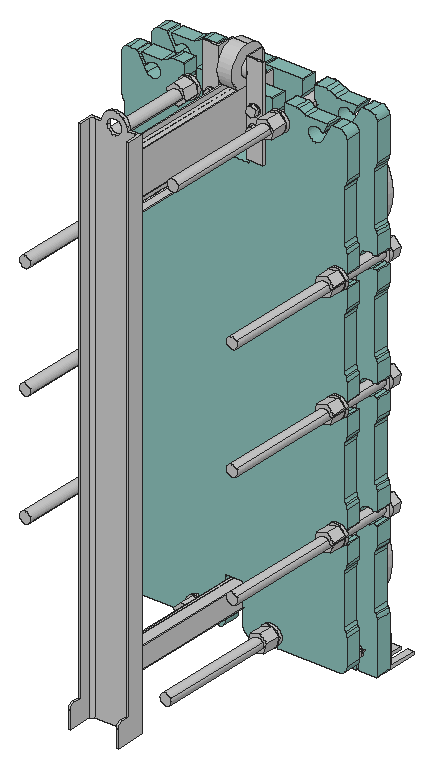
Revit family "MIT 741 - Heat Exchanger", category Specialty Equipment, Revit 2022
Family settings
  Round Connector Dimension = Use Diameter
  Part Type = Normal
  Work Plane-Based = No
  Always vertical = No
  Cut with Voids When Loaded = No
  Maintain Annotation Orientation = No
  Shared = No
  Room Calculation Point = No
Parameters (values of type "Flanged")
  URL = "https://en.ekinendustriyel.com/plate-heat-exchanger"
  Type Comments = ""
  Thickness_of_Plate [instance] = 0.50 mm  # constant formula
  Number_of_Plate [instance] = 20
  Model = if(Hygienic, if(Design Pressure < 11.0 bar, "H12340000F150L", if(Design Pressure < 16.0 bar, " H12340000F150M", " H12340000F150H")), if(Design Pressure < 10.0 bar, "E12340000F2150L", if(Design Pressure < 16.0 bar, " E12340000F150M", " E12340000F150H")))  # "H12340000F150L"
  Material = Galvanized Steel- S235JR
  Manufacturer = "Ekin Endüstriyel"
  Lk [instance] = (Number_of_Plate) * ((Thickness_of_Plate) + 2.60 mm)  # 62.00 mm
  Lh [instance] = 1380.00 mm  # constant formula
  Lf [instance] = 1330.00 mm  # constant formula
  Lc [instance] = if(Number_of_Plate < 26, 500.00 mm, if(Number_of_Plate < 51, 750.00 mm, if(Number_of_Plate < 101, 1250.00 mm, if(Number_of_Plate < 151, 1800.00 mm, if(Number_of_Plate < 201, 2000.00 mm, if(Number_of_Plate < 301, 2500.00 mm, 3000.00 mm))))))  # 500.00 mm
  La [instance] = 610.00 mm  # constant formula
  Keynote = ""
  Industrial [instance] = not(Hygienic)  # no
  Hygienic = yes
  Head & Follower Plate [instance] = if(Design Pressure < 11.0 bar, 40.00 mm, if(Design Pressure < 17.0 bar, 50.00 mm, 70.00 mm))  # 40.00 mm
  Follower Plate [instance] = -(Head & Follower Plate)  # -40.00 mm
  Design Pressure = 7 bar
  Description = if(Design Pressure < 11.0 bar, "MIT - Heat Exchanger - 10 bar", if(Design Pressure < 16.0 bar, " MIT - Heat Exchanger - 16 bar", " MIT - Heat Exchanger - 25 bar"))  # "MIT - Heat Exchanger - 10 bar"
  Default Elevation = 0.00 mm
Reference planes
  plane 1 "Center (Front/Back)": y = 0
  plane 2: z = 0
  plane 3 "Center (Left/Right)": x = 0
  plane 4: x = 1160
  plane 5: x = -1000
  plane 6 "2": y = -102
  plane 7 "1": y = -40
  plane 8 "3": y = -540
  plane 9 "Bolt End": y = 18.7
  plane 10: y = -500
  plane 11 "12": z = 1140
Forms (mm)
  Extrusion 1, solid, material "Galvanized Steel", detail levels fine
    sketch origin (4.063, 0, 0) x (1, 0, 0) y (0, 0, 1)
      loop
        line (132.187, 1378) -> (132.187, 1343.302)
        arc (132.187, 1343.302) -> (115.937, 1309) -> (99.687, 1343.302) r 21
        line (99.687, 1343.302) -> (99.687, 1378)
        arc (99.687, 1378) -> (99.101, 1379.414) -> (97.687, 1380) r 2
        line (97.687, 1380) -> (0.937, 1380)
        arc (0.937, 1380) -> (-0.477, 1379.414) -> (-1.063, 1378) r 2
        line (-1.063, 1378) -> (-1.063, 1353.356)
        arc (-1.063, 1353.356) -> (-0.757, 1352.293) -> (0.067, 1351.555) r 2
        arc (0.067, 1351.555) -> (5.437, 1343) -> (0.067, 1334.445) r 9.5
        arc (0.067, 1334.445) -> (-0.757, 1333.707) -> (-1.063, 1332.644) r 2
        line (-1.063, 1332.644) -> (-1.063, 1293.356)
        arc (-1.063, 1293.356) -> (-0.757, 1292.293) -> (0.067, 1291.555) r 2
        arc (0.067, 1291.555) -> (-4.063, 1273.5) -> (-8.193, 1291.555) r 9.5
        arc (-8.193, 1291.555) -> (-7.369, 1292.293) -> (-7.063, 1293.356) r 2
        line (-7.063, 1293.356) -> (-7.063, 1332.644)
        arc (-7.063, 1332.644) -> (-7.369, 1333.707) -> (-8.193, 1334.445) r 2
        arc (-8.193, 1334.445) -> (-13.563, 1343) -> (-8.193, 1351.555) r 9.5
        arc (-8.193, 1351.555) -> (-7.369, 1352.293) -> (-7.063, 1353.356) r 2
        line (-7.063, 1353.356) -> (-7.063, 1378)
        arc (-7.063, 1378) -> (-7.649, 1379.414) -> (-9.063, 1380) r 2
        line (-9.063, 1380) -> (-105.813, 1380)
        arc (-105.813, 1380) -> (-107.227, 1379.414) -> (-107.813, 1378) r 2
        line (-107.813, 1378) -> (-107.813, 1343.302)
        arc (-107.813, 1343.302) -> (-124.063, 1309) -> (-140.313, 1343.302) r 21
        line (-140.313, 1343.302) -> (-140.313, 1378)
        arc (-140.313, 1378) -> (-140.899, 1379.414) -> (-142.313, 1380) r 2
        line (-142.313, 1380) -> (-168.704, 1380)
        arc (-168.704, 1380) -> (-173.88, 1379.319) -> (-178.704, 1377.321) r 20
        line (-178.704, 1377.321) -> (-190.207, 1370.679)
        arc (-190.207, 1370.679) -> (-195.03, 1368.681) -> (-200.207, 1368) r 20
        line (-200.207, 1368) -> (-254.663, 1368)
        arc (-254.663, 1368) -> (-256.395, 1367) -> (-256.395, 1365) r 2
        line (-256.395, 1365) -> (-244.253, 1343.971)
        arc (-244.253, 1343.971) -> (-242.573, 1342.971) -> (-240.843, 1343.882) r 2
        arc (-240.843, 1343.882) -> (-204.07, 1332.483) -> (-241.384, 1323) r 20
        line (-241.384, 1323) -> (-266.787, 1367)
        arc (-266.787, 1367) -> (-267.519, 1367.732) -> (-268.519, 1368) r 2
        line (-268.519, 1368) -> (-289.063, 1368)
        arc (-289.063, 1368) -> (-303.205, 1362.142) -> (-309.063, 1348) r 20
        line (-309.063, 1348) -> (-309.063, 1249.205)
        arc (-309.063, 1249.205) -> (-308.382, 1244.029) -> (-306.384, 1239.205) r 20
        line (-306.384, 1239.205) -> (-303.743, 1234.631)
        arc (-303.743, 1234.631) -> (-301.745, 1229.807) -> (-301.063, 1224.631) r 20
        line (-301.063, 1224.631) -> (-301.063, 1095.349)
        arc (-301.063, 1095.349) -> (-301.745, 1090.173) -> (-303.743, 1085.349) r 20
        line (-303.743, 1085.349) -> (-306.384, 1080.775)
        arc (-306.384, 1080.775) -> (-308.382, 1075.951) -> (-309.063, 1070.775) r 20
        line (-309.063, 1070.775) -> (-309.063, 1023.24)
        arc (-309.063, 1023.24) -> (-308.477, 1021.826) -> (-307.063, 1021.24) r 2
        line (-307.063, 1021.24) -> (-298.061, 1021.24)
        arc (-298.061, 1021.24) -> (-297.418, 1021.346) -> (-296.844, 1021.653) r 2
        arc (-296.844, 1021.653) -> (-263.063, 1004.99) -> (-296.844, 988.327) r 21
        arc (-296.844, 988.327) -> (-297.418, 988.634) -> (-298.061, 988.74) r 2
        line (-298.061, 988.74) -> (-307.063, 988.74)
        arc (-307.063, 988.74) -> (-308.477, 988.154) -> (-309.063, 986.74) r 2
        line (-309.063, 986.74) -> (-309.063, 939.205)
        arc (-309.063, 939.205) -> (-308.382, 934.029) -> (-306.384, 929.205) r 20
        line (-306.384, 929.205) -> (-303.743, 924.631)
        arc (-303.743, 924.631) -> (-301.745, 919.807) -> (-301.063, 914.631) r 20
        line (-301.063, 914.631) -> (-301.063, 785.349)
        arc (-301.063, 785.349) -> (-301.745, 780.173) -> (-303.743, 775.349) r 20
        line (-303.743, 775.349) -> (-306.384, 770.775)
        arc (-306.384, 770.775) -> (-308.382, 765.951) -> (-309.063, 760.775) r 20
        line (-309.063, 760.775) -> (-309.063, 713.25)
        arc (-309.063, 713.25) -> (-308.477, 711.836) -> (-307.063, 711.25) r 2
        line (-307.063, 711.25) -> (-298.061, 711.25)
        arc (-298.061, 711.25) -> (-297.418, 711.356) -> (-296.844, 711.663) r 2
        arc (-296.844, 711.663) -> (-263.063, 695) -> (-296.844, 678.337) r 21
        arc (-296.844, 678.337) -> (-297.418, 678.644) -> (-298.061, 678.75) r 2
        line (-298.061, 678.75) -> (-307.063, 678.75)
        arc (-307.063, 678.75) -> (-308.477, 678.164) -> (-309.063, 676.75) r 2
        line (-309.063, 676.75) -> (-309.063, 629.205)
        arc (-309.063, 629.205) -> (-308.382, 624.029) -> (-306.384, 619.205) r 20
        line (-306.384, 619.205) -> (-303.743, 614.631)
        arc (-303.743, 614.631) -> (-301.745, 609.807) -> (-301.063, 604.631) r 20
        line (-301.063, 604.631) -> (-301.063, 475.349)
        arc (-301.063, 475.349) -> (-301.745, 470.173) -> (-303.743, 465.349) r 20
        line (-303.743, 465.349) -> (-306.384, 460.775)
        arc (-306.384, 460.775) -> (-308.382, 455.951) -> (-309.063, 450.775) r 20
        line (-309.063, 450.775) -> (-309.063, 403.25)
        arc (-309.063, 403.25) -> (-308.477, 401.836) -> (-307.063, 401.25) r 2
        line (-307.063, 401.25) -> (-298.061, 401.25)
        arc (-298.061, 401.25) -> (-297.418, 401.356) -> (-296.844, 401.663) r 2
        arc (-296.844, 401.663) -> (-263.063, 385) -> (-296.844, 368.337) r 21
        arc (-296.844, 368.337) -> (-297.418, 368.644) -> (-298.061, 368.75) r 2
        line (-298.061, 368.75) -> (-307.063, 368.75)
        arc (-307.063, 368.75) -> (-308.477, 368.164) -> (-309.063, 366.75) r 2
        line (-309.063, 366.75) -> (-309.063, 319.205)
        arc (-309.063, 319.205) -> (-308.382, 314.029) -> (-306.384, 309.205) r 20
        line (-306.384, 309.205) -> (-303.743, 304.631)
        arc (-303.743, 304.631) -> (-301.745, 299.807) -> (-301.063, 294.631) r 20
        line (-301.063, 294.631) -> (-301.063, 165.349)
        arc (-301.063, 165.349) -> (-301.745, 160.173) -> (-303.743, 155.349) r 20
        line (-303.743, 155.349) -> (-306.384, 150.775)
        arc (-306.384, 150.775) -> (-308.382, 145.951) -> (-309.063, 140.775) r 20
        line (-309.063, 140.775) -> (-309.063, 2)
        arc (-309.063, 2) -> (-308.477, 0.586) -> (-307.063, 0) r 2
        line (-307.063, 0) -> (-261.563, 0)
        arc (-261.563, 0) -> (-260.149, 0.586) -> (-259.563, 2) r 2
        line (-259.563, 2) -> (-259.563, 34.75)
        arc (-259.563, 34.75) -> (-259.899, 35.859) -> (-260.794, 36.596) r 2
        arc (-260.794, 36.596) -> (-256.563, 57.75) -> (-252.332, 36.596) r 11
        arc (-252.332, 36.596) -> (-253.227, 35.859) -> (-253.563, 34.75) r 2
        line (-253.563, 34.75) -> (-253.563, 2)
        arc (-253.563, 2) -> (-252.977, 0.586) -> (-251.563, 0) r 2
        line (-251.563, 0) -> (-206.063, 0)
        arc (-206.063, 0) -> (-204.649, 0.586) -> (-204.063, 2) r 2
        line (-204.063, 2) -> (-204.063, 18.787)
        arc (-204.063, 18.787) -> (-202.921, 24.527) -> (-199.67, 29.393) r 15
        line (-199.67, 29.393) -> (-183.456, 45.607)
        arc (-183.456, 45.607) -> (-178.59, 48.858) -> (-172.85, 50) r 15
        line (-172.85, 50) -> (-122.313, 50)
        arc (-122.313, 50) -> (-120.899, 50.586) -> (-120.313, 52) r 2
        line (-120.313, 52) -> (-120.313, 63.502)
        arc (-120.313, 63.502) -> (-120.419, 64.145) -> (-120.726, 64.719) r 2
        arc (-120.726, 64.719) -> (-103.731, 98.497) -> (-87.813, 64.198) r 21
        line (-87.813, 64.198) -> (-87.813, 52)
        arc (-87.813, 52) -> (-87.227, 50.586) -> (-85.813, 50) r 2
        line (-85.813, 50) -> (-9.063, 50)
        arc (-9.063, 50) -> (-7.649, 50.586) -> (-7.063, 52) r 2
        line (-7.063, 52) -> (-7.063, 79.644)
        arc (-7.063, 79.644) -> (-7.369, 80.707) -> (-8.193, 81.445) r 2
        arc (-8.193, 81.445) -> (-13.563, 90) -> (-8.193, 98.555) r 9.5
        arc (-8.193, 98.555) -> (-7.369, 99.293) -> (-7.063, 100.356) r 2
        line (-7.063, 100.356) -> (-7.063, 139.644)
        arc (-7.063, 139.644) -> (-7.369, 140.707) -> (-8.193, 141.445) r 2
        arc (-8.193, 141.445) -> (-4.063, 159.5) -> (0.067, 141.445) r 9.5
        arc (0.067, 141.445) -> (-0.757, 140.707) -> (-1.063, 139.644) r 2
        line (-1.063, 139.644) -> (-1.063, 100.356)
        arc (-1.063, 100.356) -> (-0.757, 99.293) -> (0.067, 98.555) r 2
        arc (0.067, 98.555) -> (5.437, 90) -> (0.067, 81.445) r 9.5
        arc (0.067, 81.445) -> (-0.757, 80.707) -> (-1.063, 79.644) r 2
        line (-1.063, 79.644) -> (-1.063, 52)
        arc (-1.063, 52) -> (-0.477, 50.586) -> (0.937, 50) r 2
        line (0.937, 50) -> (77.687, 50)
        arc (77.687, 50) -> (79.101, 50.586) -> (79.687, 52) r 2
        line (79.687, 52) -> (79.687, 64.198)
        arc (79.687, 64.198) -> (95.604, 98.497) -> (112.6, 64.719) r 21
        arc (112.6, 64.719) -> (112.293, 64.145) -> (112.187, 63.502) r 2
        line (112.187, 63.502) -> (112.187, 52)
        arc (112.187, 52) -> (112.773, 50.586) -> (114.187, 50) r 2
        line (114.187, 50) -> (164.724, 50)
        arc (164.724, 50) -> (170.464, 48.858) -> (175.33, 45.607) r 15
        line (175.33, 45.607) -> (191.544, 29.393)
        arc (191.544, 29.393) -> (194.795, 24.527) -> (195.937, 18.787) r 15
        line (195.937, 18.787) -> (195.937, 2)
        arc (195.937, 2) -> (196.523, 0.586) -> (197.937, 0) r 2
        line (197.937, 0) -> (243.437, 0)
        arc (243.437, 0) -> (244.851, 0.586) -> (245.437, 2) r 2
        line (245.437, 2) -> (245.437, 34.75)
        arc (245.437, 34.75) -> (245.101, 35.859) -> (244.206, 36.596) r 2
        arc (244.206, 36.596) -> (248.437, 57.75) -> (252.668, 36.596) r 11
        arc (252.668, 36.596) -> (251.773, 35.859) -> (251.437, 34.75) r 2
        line (251.437, 34.75) -> (251.437, 2)
        arc (251.437, 2) -> (252.023, 0.586) -> (253.437, 0) r 2
        line (253.437, 0) -> (298.937, 0)
        arc (298.937, 0) -> (300.351, 0.586) -> (300.937, 2) r 2
        line (300.937, 2) -> (300.937, 140.775)
        arc (300.937, 140.775) -> (300.255, 145.951) -> (298.257, 150.775) r 20
        line (298.257, 150.775) -> (295.616, 155.349)
        arc (295.616, 155.349) -> (293.618, 160.173) -> (292.937, 165.349) r 20
        line (292.937, 165.349) -> (292.937, 294.631)
        arc (292.937, 294.631) -> (293.618, 299.807) -> (295.616, 304.631) r 20
        line (295.616, 304.631) -> (298.257, 309.205)
        arc (298.257, 309.205) -> (300.255, 314.029) -> (300.937, 319.205) r 20
        line (300.937, 319.205) -> (300.937, 366.75)
        arc (300.937, 366.75) -> (300.351, 368.164) -> (298.937, 368.75) r 2
        line (298.937, 368.75) -> (289.935, 368.75)
        arc (289.935, 368.75) -> (289.292, 368.644) -> (288.718, 368.337) r 2
        arc (288.718, 368.337) -> (254.937, 385) -> (288.718, 401.663) r 21
        arc (288.718, 401.663) -> (289.292, 401.356) -> (289.935, 401.25) r 2
        line (289.935, 401.25) -> (298.937, 401.25)
        arc (298.937, 401.25) -> (300.351, 401.836) -> (300.937, 403.25) r 2
        line (300.937, 403.25) -> (300.937, 450.775)
        arc (300.937, 450.775) -> (300.255, 455.951) -> (298.257, 460.775) r 20
        line (298.257, 460.775) -> (295.616, 465.349)
        arc (295.616, 465.349) -> (293.618, 470.173) -> (292.937, 475.349) r 20
        line (292.937, 475.349) -> (292.937, 604.631)
        arc (292.937, 604.631) -> (293.618, 609.807) -> (295.616, 614.631) r 20
        line (295.616, 614.631) -> (298.257, 619.205)
        arc (298.257, 619.205) -> (300.255, 624.029) -> (300.937, 629.205) r 20
        line (300.937, 629.205) -> (300.937, 676.75)
        arc (300.937, 676.75) -> (300.351, 678.164) -> (298.937, 678.75) r 2
        line (298.937, 678.75) -> (289.935, 678.75)
        arc (289.935, 678.75) -> (289.292, 678.644) -> (288.718, 678.337) r 2
        arc (288.718, 678.337) -> (254.937, 695) -> (288.718, 711.663) r 21
        arc (288.718, 711.663) -> (289.292, 711.356) -> (289.935, 711.25) r 2
        line (289.935, 711.25) -> (298.937, 711.25)
        arc (298.937, 711.25) -> (300.351, 711.836) -> (300.937, 713.25) r 2
        line (300.937, 713.25) -> (300.937, 760.775)
        arc (300.937, 760.775) -> (300.255, 765.951) -> (298.257, 770.775) r 20
        line (298.257, 770.775) -> (295.616, 775.349)
        arc (295.616, 775.349) -> (293.618, 780.173) -> (292.937, 785.349) r 20
        line (292.937, 785.349) -> (292.937, 914.631)
        arc (292.937, 914.631) -> (293.618, 919.807) -> (295.616, 924.631) r 20
        line (295.616, 924.631) -> (298.257, 929.205)
        arc (298.257, 929.205) -> (300.255, 934.029) -> (300.937, 939.205) r 20
        line (300.937, 939.205) -> (300.937, 986.74)
        arc (300.937, 986.74) -> (300.351, 988.154) -> (298.937, 988.74) r 2
        line (298.937, 988.74) -> (289.935, 988.74)
        arc (289.935, 988.74) -> (289.292, 988.634) -> (288.718, 988.327) r 2
        arc (288.718, 988.327) -> (254.937, 1004.99) -> (288.718, 1021.653) r 21
        arc (288.718, 1021.653) -> (289.292, 1021.346) -> (289.935, 1021.24) r 2
        line (289.935, 1021.24) -> (298.937, 1021.24)
        arc (298.937, 1021.24) -> (300.351, 1021.826) -> (300.937, 1023.24) r 2
        line (300.937, 1023.24) -> (300.937, 1070.775)
        arc (300.937, 1070.775) -> (300.255, 1075.951) -> (298.257, 1080.775) r 20
        line (298.257, 1080.775) -> (295.616, 1085.349)
        arc (295.616, 1085.349) -> (293.618, 1090.173) -> (292.937, 1095.349) r 20
        line (292.937, 1095.349) -> (292.937, 1224.631)
        arc (292.937, 1224.631) -> (293.618, 1229.807) -> (295.616, 1234.631) r 20
        line (295.616, 1234.631) -> (298.257, 1239.205)
        arc (298.257, 1239.205) -> (300.255, 1244.029) -> (300.937, 1249.205) r 20
        line (300.937, 1249.205) -> (300.937, 1348)
        arc (300.937, 1348) -> (295.079, 1362.142) -> (280.937, 1368) r 20
        line (280.937, 1368) -> (260.393, 1368)
        arc (260.393, 1368) -> (259.393, 1367.732) -> (258.661, 1367) r 2
        line (258.661, 1367) -> (233.257, 1323)
        arc (233.257, 1323) -> (195.944, 1332.483) -> (232.717, 1343.882) r 20
        arc (232.717, 1343.882) -> (234.447, 1342.971) -> (236.127, 1343.971) r 2
        line (236.127, 1343.971) -> (248.269, 1365)
        arc (248.269, 1365) -> (248.269, 1367) -> (246.537, 1368) r 2
        line (246.537, 1368) -> (192.081, 1368)
        arc (192.081, 1368) -> (186.904, 1368.681) -> (182.081, 1370.679) r 20
        line (182.081, 1370.679) -> (170.578, 1377.321)
        arc (170.578, 1377.321) -> (165.754, 1379.319) -> (160.578, 1380) r 20
        line (160.578, 1380) -> (134.187, 1380)
        arc (134.187, 1380) -> (132.773, 1379.414) -> (132.187, 1378) r 2
      loop
        circle (144.437, 1140) r 65
      loop
        circle (144.437, 250) r 65
      loop
        circle (-152.563, 1140) r 65
      loop
        circle (-152.563, 250) r 65
    from 0 to 40
  Extrusion 2, solid, material "Galvanized Steel", detail levels fine
    sketch origin (4.063, -102, 0) x (-1, 0, 0) y (0, 0, 1)
      loop
        arc (-132.187, 1378) -> (-132.773, 1379.414) -> (-134.187, 1380) r 2
        line (-134.187, 1380) -> (-160.578, 1380)
        arc (-160.578, 1380) -> (-165.754, 1379.319) -> (-170.578, 1377.321) r 20
        line (-170.578, 1377.321) -> (-182.081, 1370.679)
        arc (-182.081, 1370.679) -> (-186.904, 1368.681) -> (-192.081, 1368) r 20
        line (-192.081, 1368) -> (-246.537, 1368)
        arc (-246.537, 1368) -> (-248.269, 1367) -> (-248.269, 1365) r 2
        line (-248.269, 1365) -> (-236.127, 1343.971)
        arc (-236.127, 1343.971) -> (-234.447, 1342.971) -> (-232.717, 1343.882) r 2
        arc (-232.717, 1343.882) -> (-195.944, 1332.483) -> (-233.257, 1323) r 20
        line (-233.257, 1323) -> (-258.661, 1367)
        arc (-258.661, 1367) -> (-259.393, 1367.732) -> (-260.393, 1368) r 2
        line (-260.393, 1368) -> (-280.937, 1368)
        arc (-280.937, 1368) -> (-295.079, 1362.142) -> (-300.937, 1348) r 20
        line (-300.937, 1348) -> (-300.937, 1249.205)
        arc (-300.937, 1249.205) -> (-300.255, 1244.029) -> (-298.257, 1239.205) r 20
        line (-298.257, 1239.205) -> (-295.616, 1234.631)
        arc (-295.616, 1234.631) -> (-293.618, 1229.807) -> (-292.937, 1224.631) r 20
        line (-292.937, 1224.631) -> (-292.937, 1095.349)
        arc (-292.937, 1095.349) -> (-293.618, 1090.173) -> (-295.616, 1085.349) r 20
        line (-295.616, 1085.349) -> (-298.257, 1080.775)
        arc (-298.257, 1080.775) -> (-300.255, 1075.951) -> (-300.937, 1070.775) r 20
        line (-300.937, 1070.775) -> (-300.937, 1023.24)
        arc (-300.937, 1023.24) -> (-300.351, 1021.826) -> (-298.937, 1021.24) r 2
        line (-298.937, 1021.24) -> (-289.935, 1021.24)
        arc (-289.935, 1021.24) -> (-289.292, 1021.346) -> (-288.718, 1021.653) r 2
        arc (-288.718, 1021.653) -> (-254.937, 1004.99) -> (-288.718, 988.327) r 21
        arc (-288.718, 988.327) -> (-289.292, 988.634) -> (-289.935, 988.74) r 2
        line (-289.935, 988.74) -> (-298.937, 988.74)
        arc (-298.937, 988.74) -> (-300.351, 988.154) -> (-300.937, 986.74) r 2
        line (-300.937, 986.74) -> (-300.937, 939.205)
        arc (-300.937, 939.205) -> (-300.255, 934.029) -> (-298.257, 929.205) r 20
        line (-298.257, 929.205) -> (-295.616, 924.631)
        arc (-295.616, 924.631) -> (-293.618, 919.807) -> (-292.937, 914.631) r 20
        line (-292.937, 914.631) -> (-292.937, 785.349)
        arc (-292.937, 785.349) -> (-293.618, 780.173) -> (-295.616, 775.349) r 20
        line (-295.616, 775.349) -> (-298.257, 770.775)
        arc (-298.257, 770.775) -> (-300.255, 765.951) -> (-300.937, 760.775) r 20
        line (-300.937, 760.775) -> (-300.937, 713.25)
        arc (-300.937, 713.25) -> (-300.351, 711.836) -> (-298.937, 711.25) r 2
        line (-298.937, 711.25) -> (-289.935, 711.25)
        arc (-289.935, 711.25) -> (-289.292, 711.356) -> (-288.718, 711.663) r 2
        arc (-288.718, 711.663) -> (-254.937, 695) -> (-288.718, 678.337) r 21
        arc (-288.718, 678.337) -> (-289.292, 678.644) -> (-289.935, 678.75) r 2
        line (-289.935, 678.75) -> (-298.937, 678.75)
        arc (-298.937, 678.75) -> (-300.351, 678.164) -> (-300.937, 676.75) r 2
        line (-300.937, 676.75) -> (-300.937, 629.205)
        arc (-300.937, 629.205) -> (-300.255, 624.029) -> (-298.257, 619.205) r 20
        line (-298.257, 619.205) -> (-295.616, 614.631)
        arc (-295.616, 614.631) -> (-293.618, 609.807) -> (-292.937, 604.631) r 20
        line (-292.937, 604.631) -> (-292.937, 475.349)
        arc (-292.937, 475.349) -> (-293.618, 470.173) -> (-295.616, 465.349) r 20
        line (-295.616, 465.349) -> (-298.257, 460.775)
        arc (-298.257, 460.775) -> (-300.255, 455.951) -> (-300.937, 450.775) r 20
        line (-300.937, 450.775) -> (-300.937, 403.25)
        arc (-300.937, 403.25) -> (-300.351, 401.836) -> (-298.937, 401.25) r 2
        line (-298.937, 401.25) -> (-289.935, 401.25)
        arc (-289.935, 401.25) -> (-289.292, 401.356) -> (-288.718, 401.663) r 2
        arc (-288.718, 401.663) -> (-254.937, 385) -> (-288.718, 368.337) r 21
        arc (-288.718, 368.337) -> (-289.292, 368.644) -> (-289.935, 368.75) r 2
        line (-289.935, 368.75) -> (-298.937, 368.75)
        arc (-298.937, 368.75) -> (-300.351, 368.164) -> (-300.937, 366.75) r 2
        line (-300.937, 366.75) -> (-300.937, 319.205)
        arc (-300.937, 319.205) -> (-300.255, 314.029) -> (-298.257, 309.205) r 20
        line (-298.257, 309.205) -> (-295.616, 304.631)
        arc (-295.616, 304.631) -> (-293.618, 299.807) -> (-292.937, 294.631) r 20
        line (-292.937, 294.631) -> (-292.937, 165.349)
        arc (-292.937, 165.349) -> (-293.618, 160.173) -> (-295.616, 155.349) r 20
        line (-295.616, 155.349) -> (-298.257, 150.775)
        arc (-298.257, 150.775) -> (-300.255, 145.951) -> (-300.937, 140.775) r 20
        line (-300.937, 140.775) -> (-300.937, 70)
        arc (-300.937, 70) -> (-295.079, 55.858) -> (-280.937, 50) r 20
        line (-280.937, 50) -> (-114.187, 50)
        arc (-114.187, 50) -> (-112.773, 50.586) -> (-112.187, 52) r 2
        line (-112.187, 52) -> (-112.187, 63.502)
        arc (-112.187, 63.502) -> (-112.293, 64.145) -> (-112.6, 64.719) r 2
        arc (-112.6, 64.719) -> (-95.604, 98.497) -> (-79.687, 64.198) r 21
        line (-79.687, 64.198) -> (-79.687, 52)
        arc (-79.687, 52) -> (-79.101, 50.586) -> (-77.687, 50) r 2
        line (-77.687, 50) -> (-38.937, 50)
        arc (-38.937, 50) -> (-24.795, 55.858) -> (-18.937, 70) r 20
        line (-18.937, 70) -> (-18.937, 177)
        arc (-18.937, 177) -> (-18.058, 179.121) -> (-15.937, 180) r 3
        line (-15.937, 180) -> (24.063, 180)
        arc (24.063, 180) -> (26.184, 179.121) -> (27.063, 177) r 3
        line (27.063, 177) -> (27.063, 70)
        arc (27.063, 70) -> (32.921, 55.858) -> (47.063, 50) r 20
        line (47.063, 50) -> (85.813, 50)
        arc (85.813, 50) -> (87.227, 50.586) -> (87.813, 52) r 2
        line (87.813, 52) -> (87.813, 64.198)
        arc (87.813, 64.198) -> (103.731, 98.497) -> (120.726, 64.719) r 21
        arc (120.726, 64.719) -> (120.419, 64.145) -> (120.313, 63.502) r 2
        line (120.313, 63.502) -> (120.313, 52)
        arc (120.313, 52) -> (120.899, 50.586) -> (122.313, 50) r 2
        line (122.313, 50) -> (289.063, 50)
        arc (289.063, 50) -> (303.205, 55.858) -> (309.063, 70) r 20
        line (309.063, 70) -> (309.063, 140.775)
        arc (309.063, 140.775) -> (308.382, 145.951) -> (306.384, 150.775) r 20
        line (306.384, 150.775) -> (303.743, 155.349)
        arc (303.743, 155.349) -> (301.745, 160.173) -> (301.063, 165.349) r 20
        line (301.063, 165.349) -> (301.063, 294.631)
        arc (301.063, 294.631) -> (301.745, 299.807) -> (303.743, 304.631) r 20
        line (303.743, 304.631) -> (306.384, 309.205)
        arc (306.384, 309.205) -> (308.382, 314.029) -> (309.063, 319.205) r 20
        line (309.063, 319.205) -> (309.063, 366.75)
        arc (309.063, 366.75) -> (308.477, 368.164) -> (307.063, 368.75) r 2
        line (307.063, 368.75) -> (298.061, 368.75)
        arc (298.061, 368.75) -> (297.418, 368.644) -> (296.844, 368.337) r 2
        arc (296.844, 368.337) -> (263.063, 385) -> (296.844, 401.663) r 21
        arc (296.844, 401.663) -> (297.418, 401.356) -> (298.061, 401.25) r 2
        line (298.061, 401.25) -> (307.063, 401.25)
        arc (307.063, 401.25) -> (308.477, 401.836) -> (309.063, 403.25) r 2
        line (309.063, 403.25) -> (309.063, 450.775)
        arc (309.063, 450.775) -> (308.382, 455.951) -> (306.384, 460.775) r 20
        line (306.384, 460.775) -> (303.743, 465.349)
        arc (303.743, 465.349) -> (301.745, 470.173) -> (301.063, 475.349) r 20
        line (301.063, 475.349) -> (301.063, 604.631)
        arc (301.063, 604.631) -> (301.745, 609.807) -> (303.743, 614.631) r 20
        line (303.743, 614.631) -> (306.384, 619.205)
        arc (306.384, 619.205) -> (308.382, 624.029) -> (309.063, 629.205) r 20
        line (309.063, 629.205) -> (309.063, 676.75)
        arc (309.063, 676.75) -> (308.477, 678.164) -> (307.063, 678.75) r 2
        line (307.063, 678.75) -> (298.061, 678.75)
        arc (298.061, 678.75) -> (297.418, 678.644) -> (296.844, 678.337) r 2
        arc (296.844, 678.337) -> (263.063, 695) -> (296.844, 711.663) r 21
        arc (296.844, 711.663) -> (297.418, 711.356) -> (298.061, 711.25) r 2
        line (298.061, 711.25) -> (307.063, 711.25)
        arc (307.063, 711.25) -> (308.477, 711.836) -> (309.063, 713.25) r 2
        line (309.063, 713.25) -> (309.063, 760.775)
        arc (309.063, 760.775) -> (308.382, 765.951) -> (306.384, 770.775) r 20
        line (306.384, 770.775) -> (303.743, 775.349)
        arc (303.743, 775.349) -> (301.745, 780.173) -> (301.063, 785.349) r 20
        line (301.063, 785.349) -> (301.063, 914.631)
        arc (301.063, 914.631) -> (301.745, 919.807) -> (303.743, 924.631) r 20
        line (303.743, 924.631) -> (306.384, 929.205)
        arc (306.384, 929.205) -> (308.382, 934.029) -> (309.063, 939.205) r 20
        line (309.063, 939.205) -> (309.063, 986.74)
        arc (309.063, 986.74) -> (308.477, 988.154) -> (307.063, 988.74) r 2
        line (307.063, 988.74) -> (298.061, 988.74)
        arc (298.061, 988.74) -> (297.418, 988.634) -> (296.844, 988.327) r 2
        arc (296.844, 988.327) -> (263.063, 1004.99) -> (296.844, 1021.653) r 21
        arc (296.844, 1021.653) -> (297.418, 1021.346) -> (298.061, 1021.24) r 2
        line (298.061, 1021.24) -> (307.063, 1021.24)
        arc (307.063, 1021.24) -> (308.477, 1021.826) -> (309.063, 1023.24) r 2
        line (309.063, 1023.24) -> (309.063, 1070.775)
        arc (309.063, 1070.775) -> (308.382, 1075.951) -> (306.384, 1080.775) r 20
        line (306.384, 1080.775) -> (303.743, 1085.349)
        arc (303.743, 1085.349) -> (301.745, 1090.173) -> (301.063, 1095.349) r 20
        line (301.063, 1095.349) -> (301.063, 1224.631)
        arc (301.063, 1224.631) -> (301.745, 1229.807) -> (303.743, 1234.631) r 20
        line (303.743, 1234.631) -> (306.384, 1239.205)
        arc (306.384, 1239.205) -> (308.382, 1244.029) -> (309.063, 1249.205) r 20
        line (309.063, 1249.205) -> (309.063, 1348)
        arc (309.063, 1348) -> (303.205, 1362.142) -> (289.063, 1368) r 20
        line (289.063, 1368) -> (268.519, 1368)
        arc (268.519, 1368) -> (267.519, 1367.732) -> (266.787, 1367) r 2
        line (266.787, 1367) -> (241.384, 1323)
        arc (241.384, 1323) -> (204.07, 1332.483) -> (240.843, 1343.882) r 20
        arc (240.843, 1343.882) -> (242.573, 1342.971) -> (244.253, 1343.971) r 2
        line (244.253, 1343.971) -> (256.395, 1365)
        arc (256.395, 1365) -> (256.395, 1367) -> (254.663, 1368) r 2
        line (254.663, 1368) -> (200.207, 1368)
        arc (200.207, 1368) -> (195.03, 1368.681) -> (190.207, 1370.679) r 20
        line (190.207, 1370.679) -> (178.704, 1377.321)
        arc (178.704, 1377.321) -> (173.88, 1379.319) -> (168.704, 1380) r 20
        line (168.704, 1380) -> (142.313, 1380)
        arc (142.313, 1380) -> (140.899, 1379.414) -> (140.313, 1378) r 2
        line (140.313, 1378) -> (140.313, 1343.302)
        arc (140.313, 1343.302) -> (124.063, 1309) -> (107.813, 1343.302) r 21
        line (107.813, 1343.302) -> (107.813, 1378)
        arc (107.813, 1378) -> (107.227, 1379.414) -> (105.813, 1380) r 2
        line (105.813, 1380) -> (45.063, 1380) -> (45.063, 1340.7) -> (51.701, 1340.7)
        arc (51.701, 1340.7) -> (72.263, 1337.7) -> (51.701, 1334.7) r 10.5
        line (51.701, 1334.7) -> (45.063, 1334.7) -> (45.063, 1290.7) -> (51.701, 1290.7)
        arc (51.701, 1290.7) -> (72.263, 1287.7) -> (51.701, 1284.7) r 10.5
        line (51.701, 1284.7) -> (45.063, 1284.7) -> (45.063, 1202.5)
        arc (45.063, 1202.5) -> (44.477, 1201.086) -> (43.063, 1200.5) r 2
        line (43.063, 1200.5) -> (-34.937, 1200.5)
        arc (-34.937, 1200.5) -> (-36.351, 1201.086) -> (-36.937, 1202.5) r 2
        line (-36.937, 1202.5) -> (-36.937, 1284.7) -> (-43.575, 1284.7)
        arc (-43.575, 1284.7) -> (-64.137, 1287.7) -> (-43.575, 1290.7) r 10.5
        line (-43.575, 1290.7) -> (-36.937, 1290.7) -> (-36.937, 1334.7) -> (-43.575, 1334.7)
        arc (-43.575, 1334.7) -> (-64.137, 1337.7) -> (-43.575, 1340.7) r 10.5
        line (-43.575, 1340.7) -> (-36.937, 1340.7) -> (-36.937, 1380) -> (-97.687, 1380)
        arc (-97.687, 1380) -> (-99.101, 1379.414) -> (-99.687, 1378) r 2
        line (-99.687, 1378) -> (-99.687, 1343.302)
        arc (-99.687, 1343.302) -> (-115.937, 1309) -> (-132.187, 1343.302) r 21
        line (-132.187, 1343.302) -> (-132.187, 1378)
    from 0 to -40 <- "Follower Plate"
  Extrusion 3, solid, material "Galvanized Steel- S235JR"
    sketch origin (0, 0, 0) x (1, 0, 0) y (0, 0, 1)
      loop
        line (-18, 110) -> (18, 110)
        arc (18, 110) -> (19.414, 110.586) -> (20, 112) r 2
        line (20, 112) -> (20, 168)
        arc (20, 168) -> (19.414, 169.414) -> (18, 170) r 2
        line (18, 170) -> (-18, 170)
        arc (-18, 170) -> (-19.414, 169.414) -> (-20, 168) r 2
        line (-20, 168) -> (-20, 112)
        arc (-20, 112) -> (-19.414, 110.586) -> (-18, 110) r 2
      loop
        line (-15, 113) -> (15, 113)
        arc (15, 113) -> (16.414, 113.586) -> (17, 115) r 2
        line (17, 115) -> (17, 165)
        arc (17, 165) -> (16.414, 166.414) -> (15, 167) r 2
        line (15, 167) -> (-15, 167)
        arc (-15, 167) -> (-16.414, 166.414) -> (-17, 165) r 2
        line (-17, 165) -> (-17, 115)
        arc (-17, 115) -> (-16.414, 113.586) -> (-15, 113) r 2
      loop
        line (-21.125, 1260) -> (-6.125, 1260)
        arc (-6.125, 1260) -> (-4.004, 1259.121) -> (-3.125, 1257) r 3
        line (-3.125, 1257) -> (-3.125, 1233)
        arc (-3.125, 1233) -> (-4.004, 1230.879) -> (-6.125, 1230) r 3
        line (-6.125, 1230) -> (-26.125, 1230) -> (-26.125, 1227) -> (-3.125, 1227)
        arc (-3.125, 1227) -> (-1.004, 1227.879) -> (-0.125, 1230) r 3
        arc (-0.125, 1230) -> (0.754, 1227.879) -> (2.875, 1227) r 3
        line (2.875, 1227) -> (25.875, 1227) -> (25.875, 1230) -> (5.875, 1230)
        arc (5.875, 1230) -> (3.754, 1230.879) -> (2.875, 1233) r 3
        line (2.875, 1233) -> (2.875, 1257)
        arc (2.875, 1257) -> (3.754, 1259.121) -> (5.875, 1260) r 3
        line (5.875, 1260) -> (20.875, 1260)
        arc (20.875, 1260) -> (22.289, 1260.586) -> (22.875, 1262) r 2
        line (22.875, 1262) -> (22.875, 1375) -> (19.875, 1375) -> (19.875, 1363) -> (-20.125, 1363) -> (-20.125, 1375) -> (-23.125, 1375) -> (-23.125, 1262)
        arc (-23.125, 1262) -> (-22.539, 1260.586) -> (-21.125, 1260) r 2
      loop
        line (-13.125, 1268) -> (12.875, 1268)
        arc (12.875, 1268) -> (14.289, 1268.586) -> (14.875, 1270) r 2
        line (14.875, 1270) -> (14.875, 1356)
        arc (14.875, 1356) -> (14.289, 1357.414) -> (12.875, 1358) r 2
        line (12.875, 1358) -> (-13.125, 1358)
        arc (-13.125, 1358) -> (-14.539, 1357.414) -> (-15.125, 1356) r 2
        line (-15.125, 1356) -> (-15.125, 1270)
        arc (-15.125, 1270) -> (-14.539, 1268.586) -> (-13.125, 1268) r 2
    from 40 to 540
  Extrusion 4, solid, material "Galvanized Steel- S235JR"
    sketch origin (0, 0, 0) x (1, 0, 0) y (0, 0, 1)
      loop
        circle (-100, 77.5) r 15
      loop
        circle (-280, 384.99) r 15
      loop
        circle (-280, 694.99) r 15
      loop
        circle (-280, 1004.99) r 15
      loop
        circle (-120, 1330) r 15
      loop
        circle (100, 77.5) r 15
      loop
        circle (280, 384.99) r 15
      loop
        circle (280, 694.99) r 15
      loop
        circle (280, 1004.99) r 15
      loop
        circle (120, 1330) r 15
    from 0 to 500
  Extrusion 5, solid, material "Galvanized Steel- S235JR", detail levels fine
    sketch origin (0, 0, 0) x (1, 0, 0) y (0, 0, 1)
      loop
        line (-246.063, 59.021) -> (-259.908, 58.46) -> (-266.345, 46.189) -> (-258.937, 34.479) -> (-245.092, 35.04) -> (-238.655, 47.311) -> (-246.063, 59.021)
      loop
        line (241.591, 55.293) -> (239.647, 41.574) -> (250.556, 33.031) -> (263.409, 38.207) -> (265.353, 51.926) -> (254.444, 60.469) -> (241.591, 55.293)
    from -21 to -8
  Extrusion 6, solid, material "Galvanized Steel- S235JR", detail levels fine
    sketch origin (276.226, -40, -33.535) x (1, 0, 0) y (0, 0, 1)
      loop
        circle (-23.726, 80.285) r 14
      loop
        circle (-528.726, 80.285) r 14
    from 0 to 3
  Extrusion 7, solid, material "Galvanized Steel- S235JR", detail levels fine
    sketch origin (0, 0, 0) x (1, 0, 0) y (0, 0, 1)
      loop
        circle (252.5, 46.75) r 7
      loop
        circle (-252.5, 46.75) r 7
    from 60 to -11
  Extrusion 8, solid, material "Galvanized Steel- S235JR", detail levels fine
    sketch origin (29.639, -40, 34.419) x (1, 0, 0) y (0, 0, 1)
      loop
        line (-275.702, 24.602) -> (-289.547, 24.04) -> (-295.984, 11.77) -> (-288.575, 0.06) -> (-274.73, 0.621) -> (-268.294, 12.892) -> (-275.702, 24.602)
      loop
        line (211.952, 20.874) -> (210.008, 7.155) -> (220.917, -1.388) -> (233.77, 3.788) -> (235.715, 17.507) -> (224.805, 26.05) -> (211.952, 20.874)
    from 11 to 3
  Extrusion 9, solid, material "Galvanized Steel- S235JR", detail levels fine
    sketch origin (0, 0, 0) x (1, 0, 0) y (0, 0, 1)
      loop
        line (96.095, 151.381) -> (88.731, 139.643) -> (95.214, 127.397) -> (109.061, 126.888) -> (116.425, 138.626) -> (109.942, 150.872) -> (96.095, 151.381)
      loop
        line (41.709, 217.322) -> (28.203, 214.229) -> (24.128, 200.985) -> (33.56, 190.834) -> (47.066, 193.927) -> (51.141, 207.171) -> (41.709, 217.322)
      loop
        line (38.143, 309.769) -> (25.897, 303.286) -> (25.388, 289.439) -> (37.126, 282.075) -> (49.372, 288.558) -> (49.881, 302.405) -> (38.143, 309.769)
      loop
        line (92.427, 351.434) -> (105.671, 347.359) -> (115.822, 356.791) -> (112.729, 370.297) -> (99.485, 374.372) -> (89.334, 364.94) -> (92.427, 351.434)
      loop
        line (187.939, 373.112) -> (180.575, 361.374) -> (187.058, 349.128) -> (200.905, 348.619) -> (208.269, 360.357) -> (201.786, 372.603) -> (187.939, 373.112)
      loop
        line (245.859, 292.829) -> (255.291, 282.678) -> (268.797, 285.771) -> (272.872, 299.015) -> (263.44, 309.166) -> (249.934, 306.073) -> (245.859, 292.829)
      loop
        line (247.119, 197.595) -> (258.857, 190.231) -> (271.103, 196.714) -> (271.612, 210.561) -> (259.874, 217.925) -> (247.628, 211.442) -> (247.119, 197.595)
      loop
        line (181.178, 143.209) -> (184.271, 129.703) -> (197.515, 125.628) -> (207.666, 135.06) -> (204.573, 148.566) -> (191.329, 152.641) -> (181.178, 143.209)
      loop
        line (96.095, 1041.381) -> (88.731, 1029.643) -> (95.214, 1017.397) -> (109.061, 1016.888) -> (116.425, 1028.626) -> (109.942, 1040.872) -> (96.095, 1041.381)
      loop
        line (41.709, 1107.322) -> (28.203, 1104.229) -> (24.128, 1090.985) -> (33.56, 1080.834) -> (47.066, 1083.927) -> (51.141, 1097.171) -> (41.709, 1107.322)
      loop
        line (38.143, 1199.769) -> (25.897, 1193.286) -> (25.388, 1179.439) -> (37.126, 1172.075) -> (49.372, 1178.558) -> (49.881, 1192.405) -> (38.143, 1199.769)
      loop
        line (92.427, 1241.434) -> (105.671, 1237.359) -> (115.822, 1246.791) -> (112.729, 1260.297) -> (99.485, 1264.372) -> (89.334, 1254.94) -> (92.427, 1241.434)
      loop
        line (187.939, 1263.112) -> (180.575, 1251.374) -> (187.058, 1239.128) -> (200.905, 1238.619) -> (208.269, 1250.357) -> (201.786, 1262.603) -> (187.939, 1263.112)
      loop
        line (245.859, 1182.829) -> (255.291, 1172.678) -> (268.797, 1175.771) -> (272.872, 1189.015) -> (263.44, 1199.166) -> (249.934, 1196.073) -> (245.859, 1182.829)
      loop
        line (247.119, 1087.595) -> (258.857, 1080.231) -> (271.103, 1086.714) -> (271.612, 1100.561) -> (259.874, 1107.925) -> (247.628, 1101.442) -> (247.119, 1087.595)
      loop
        line (181.178, 1033.209) -> (184.271, 1019.703) -> (197.515, 1015.628) -> (207.666, 1025.06) -> (204.573, 1038.566) -> (191.329, 1042.641) -> (181.178, 1033.209)
      loop
        line (-200.905, 1041.381) -> (-208.269, 1029.643) -> (-201.786, 1017.397) -> (-187.939, 1016.888) -> (-180.575, 1028.626) -> (-187.058, 1040.872) -> (-200.905, 1041.381)
      loop
        line (-255.291, 1107.322) -> (-268.797, 1104.229) -> (-272.872, 1090.985) -> (-263.44, 1080.834) -> (-249.934, 1083.927) -> (-245.859, 1097.171) -> (-255.291, 1107.322)
      loop
        line (-258.857, 1199.769) -> (-271.103, 1193.286) -> (-271.612, 1179.439) -> (-259.874, 1172.075) -> (-247.628, 1178.558) -> (-247.119, 1192.405) -> (-258.857, 1199.769)
      loop
        line (-204.573, 1241.434) -> (-191.329, 1237.359) -> (-181.178, 1246.791) -> (-184.271, 1260.297) -> (-197.515, 1264.372) -> (-207.666, 1254.94) -> (-204.573, 1241.434)
      loop
        line (-109.061, 1263.112) -> (-116.425, 1251.374) -> (-109.942, 1239.128) -> (-96.095, 1238.619) -> (-88.731, 1250.357) -> (-95.214, 1262.603) -> (-109.061, 1263.112)
      loop
        line (-51.141, 1182.829) -> (-41.709, 1172.678) -> (-28.203, 1175.771) -> (-24.128, 1189.015) -> (-33.56, 1199.166) -> (-47.066, 1196.073) -> (-51.141, 1182.829)
      loop
        line (-49.881, 1087.595) -> (-38.143, 1080.231) -> (-25.897, 1086.714) -> (-25.388, 1100.561) -> (-37.126, 1107.925) -> (-49.372, 1101.442) -> (-49.881, 1087.595)
      loop
        line (-115.822, 1033.209) -> (-112.729, 1019.703) -> (-99.485, 1015.628) -> (-89.334, 1025.06) -> (-92.427, 1038.566) -> (-105.671, 1042.641) -> (-115.822, 1033.209)
      loop
        line (-200.905, 151.381) -> (-208.269, 139.643) -> (-201.786, 127.397) -> (-187.939, 126.888) -> (-180.575, 138.626) -> (-187.058, 150.872) -> (-200.905, 151.381)
      loop
        line (-255.291, 217.322) -> (-268.797, 214.229) -> (-272.872, 200.985) -> (-263.44, 190.834) -> (-249.934, 193.927) -> (-245.859, 207.171) -> (-255.291, 217.322)
      loop
        line (-258.857, 309.769) -> (-271.103, 303.286) -> (-271.612, 289.439) -> (-259.874, 282.075) -> (-247.628, 288.558) -> (-247.119, 302.405) -> (-258.857, 309.769)
      loop
        line (-204.573, 351.434) -> (-191.329, 347.359) -> (-181.178, 356.791) -> (-184.271, 370.297) -> (-197.515, 374.372) -> (-207.666, 364.94) -> (-204.573, 351.434)
      loop
        line (-109.061, 373.112) -> (-116.425, 361.374) -> (-109.942, 349.128) -> (-96.095, 348.619) -> (-88.731, 360.357) -> (-95.214, 372.603) -> (-109.061, 373.112)
      loop
        line (-51.141, 292.829) -> (-41.709, 282.678) -> (-28.203, 285.771) -> (-24.128, 299.015) -> (-33.56, 309.166) -> (-47.066, 306.073) -> (-51.141, 292.829)
      loop
        line (-49.881, 197.595) -> (-38.143, 190.231) -> (-25.897, 196.714) -> (-25.388, 210.561) -> (-37.126, 217.925) -> (-49.372, 211.442) -> (-49.881, 197.595)
      loop
        line (-115.822, 143.209) -> (-112.729, 129.703) -> (-99.485, 125.628) -> (-89.334, 135.06) -> (-92.427, 148.566) -> (-105.671, 152.641) -> (-115.822, 143.209)
    from -38.2 to -28.2
  Extrusion 10, solid, material "Galvanized Steel- S235JR", detail levels fine
    sketch origin (0, 0, 0) x (1, 0, 0) y (0, 0, 1)
      loop
        line (-11.95, 1350.014) -> (-12.05, 1336.158) -> (-0.1, 1329.144) -> (11.95, 1335.986) -> (12.05, 1349.842) -> (0.1, 1356.856) -> (-11.95, 1350.014)
      loop
        line (-13.027, 1287.721) -> (-10.602, 1274.078) -> (2.425, 1269.357) -> (13.027, 1278.279) -> (10.602, 1291.922) -> (-2.425, 1296.643) -> (-13.027, 1287.721)
      loop
        line (-12.854, 144.826) -> (-1.946, 136.281) -> (10.908, 141.455) -> (12.854, 155.174) -> (1.946, 163.719) -> (-10.908, 158.545) -> (-12.854, 144.826)
      loop
        line (-12.909, 95.036) -> (-10.816, 81.339) -> (2.093, 76.303) -> (12.909, 84.964) -> (10.816, 98.661) -> (-2.093, 103.697) -> (-12.909, 95.036)
    from 0 to -10
  Extrusion 11, solid, material "Galvanized Steel- S235JR", detail levels medium+fine
    sketch origin (0, 0, 0) x (1, 0, 0) y (0, 1, 0)
      loop
        line (-67.5, -620) -> (-62.5, -620) -> (-62.5, -558)
        arc (-62.5, -558) -> (-59.571, -550.929) -> (-52.5, -548) r 10
        line (-52.5, -548) -> (52.5, -548)
        arc (52.5, -548) -> (59.571, -550.929) -> (62.5, -558) r 10
        line (62.5, -558) -> (62.5, -620) -> (67.5, -620) -> (67.5, -540) -> (-67.5, -540) -> (-67.5, -620)
    from 0 to 2169.894
  Extrusion 12, solid, material "Galvanized Steel- S235JR", detail levels medium+fine
    sketch origin (0, 0, 0) x (1, 0, 0) y (0, 0, 1)
      loop
        circle (-280, 1004.99) r 27.5
      loop
        circle (-280, 1004.99) r 15
      loop
        circle (-120, 1330) r 27.5
      loop
        circle (-120, 1330) r 15
      loop
        circle (-280, 694.99) r 27.5
      loop
        circle (-280, 694.99) r 15
      loop
        circle (-280, 384.99) r 27.5
      loop
        circle (-280, 384.99) r 15
      loop
        circle (-100, 77.5) r 27.5
      loop
        circle (-100, 77.5) r 15
      loop
        circle (280, 1004.99) r 27.5
      loop
        circle (280, 1004.99) r 15
      loop
        circle (120, 1330) r 27.5
      loop
        circle (120, 1330) r 15
      loop
        circle (280, 694.99) r 27.5
      loop
        circle (280, 694.99) r 15
      loop
        circle (280, 384.99) r 27.5
      loop
        circle (280, 384.99) r 15
      loop
        circle (100, 77.5) r 27.5
      loop
        circle (100, 77.5) r 15
    from 0 to -8
  Extrusion 13, solid, material "Galvanized Steel- S235JR", detail levels fine
    sketch origin (4.063, -142, 0) x (1, 0, 0) y (0, 0, 1)
      loop
        line (122.837, 1355.646) -> (97.177, 1348.799) -> (90.277, 1323.153) -> (109.037, 1304.354) -> (134.697, 1311.201) -> (141.597, 1336.847) -> (122.837, 1355.646)
      loop
        line (282.837, 1030.636) -> (257.177, 1023.789) -> (250.277, 998.143) -> (269.037, 979.344) -> (294.697, 986.191) -> (301.597, 1011.837) -> (282.837, 1030.636)
      loop
        line (282.837, 720.636) -> (257.177, 713.789) -> (250.277, 688.143) -> (269.037, 669.344) -> (294.697, 676.191) -> (301.597, 701.837) -> (282.837, 720.636)
      loop
        line (282.837, 410.636) -> (257.177, 403.789) -> (250.277, 378.143) -> (269.037, 359.344) -> (294.697, 366.191) -> (301.597, 391.837) -> (282.837, 410.636)
      loop
        line (102.837, 103.146) -> (77.177, 96.299) -> (70.277, 70.653) -> (89.037, 51.854) -> (114.697, 58.701) -> (121.597, 84.347) -> (102.837, 103.146)
      loop
        line (-130.963, 1355.646) -> (-149.723, 1336.847) -> (-142.823, 1311.201) -> (-117.163, 1304.354) -> (-98.403, 1323.153) -> (-105.303, 1348.799) -> (-130.963, 1355.646)
      loop
        line (-290.963, 1030.636) -> (-309.723, 1011.837) -> (-302.823, 986.191) -> (-277.163, 979.344) -> (-258.403, 998.143) -> (-265.303, 1023.789) -> (-290.963, 1030.636)
      loop
        line (-290.963, 720.636) -> (-309.723, 701.837) -> (-302.823, 676.191) -> (-277.163, 669.344) -> (-258.403, 688.143) -> (-265.303, 713.789) -> (-290.963, 720.636)
      loop
        line (-290.963, 410.636) -> (-309.723, 391.837) -> (-302.823, 366.191) -> (-277.163, 359.344) -> (-258.403, 378.143) -> (-265.303, 403.789) -> (-290.963, 410.636)
      loop
        line (-110.963, 103.146) -> (-129.723, 84.347) -> (-122.823, 58.701) -> (-97.163, 51.854) -> (-78.403, 70.653) -> (-85.303, 96.299) -> (-110.963, 103.146)
    from 8 to 48.4
  Extrusion 14, solid, material "Galvanized Steel- S235JR", detail levels fine
    sketch origin (4.063, -142, 0) x (1, 0, 0) y (0, 0, 1)
      loop
        circle (-284.063, 1004.99) r 27.5
      loop
        circle (-284.063, 1004.99) r 15
      loop
        circle (-124.063, 1330) r 27.5
      loop
        circle (-124.063, 1330) r 15
      loop
        circle (-284.063, 694.99) r 27.5
      loop
        circle (-284.063, 694.99) r 15
      loop
        circle (-284.063, 384.99) r 27.5
      loop
        circle (-284.063, 384.99) r 15
      loop
        circle (-104.063, 77.5) r 27.5
      loop
        circle (-104.063, 77.5) r 15
      loop
        circle (275.937, 1004.99) r 27.5
      loop
        circle (275.937, 1004.99) r 15
      loop
        circle (115.937, 1330) r 27.5
      loop
        circle (115.937, 1330) r 15
      loop
        circle (275.937, 694.99) r 27.5
      loop
        circle (275.937, 694.99) r 15
      loop
        circle (275.937, 384.99) r 27.5
      loop
        circle (275.937, 384.99) r 15
      loop
        circle (95.937, 77.5) r 27.5
      loop
        circle (95.937, 77.5) r 15
    from 8 to 0
  Extrusion 15, solid, material "Galvanized Steel- S235JR", detail levels medium+fine
    sketch origin (0, 0, 0) x (1, 0, 0) y (0, 0, 1)
      loop
        line (126.9, 1355.646) -> (101.24, 1348.799) -> (94.34, 1323.153) -> (113.1, 1304.354) -> (138.76, 1311.201) -> (145.66, 1336.847) -> (126.9, 1355.646)
      loop
        line (286.9, 1030.636) -> (261.24, 1023.789) -> (254.34, 998.143) -> (273.1, 979.344) -> (298.76, 986.191) -> (305.66, 1011.837) -> (286.9, 1030.636)
      loop
        line (286.9, 720.636) -> (261.24, 713.789) -> (254.34, 688.143) -> (273.1, 669.344) -> (298.76, 676.191) -> (305.66, 701.837) -> (286.9, 720.636)
      loop
        line (286.9, 410.636) -> (261.24, 403.789) -> (254.34, 378.143) -> (273.1, 359.344) -> (298.76, 366.191) -> (305.66, 391.837) -> (286.9, 410.636)
      loop
        line (106.9, 103.146) -> (81.24, 96.299) -> (74.34, 70.653) -> (93.1, 51.854) -> (118.76, 58.701) -> (125.66, 84.347) -> (106.9, 103.146)
      loop
        line (-126.9, 1355.646) -> (-145.66, 1336.847) -> (-138.76, 1311.201) -> (-113.1, 1304.354) -> (-94.34, 1323.153) -> (-101.24, 1348.799) -> (-126.9, 1355.646)
      loop
        line (-286.9, 1030.636) -> (-305.66, 1011.837) -> (-298.76, 986.191) -> (-273.1, 979.344) -> (-254.34, 998.143) -> (-261.24, 1023.789) -> (-286.9, 1030.636)
      loop
        line (-286.9, 720.636) -> (-305.66, 701.837) -> (-298.76, 676.191) -> (-273.1, 669.344) -> (-254.34, 688.143) -> (-261.24, 713.789) -> (-286.9, 720.636)
      loop
        line (-286.9, 410.636) -> (-305.66, 391.837) -> (-298.76, 366.191) -> (-273.1, 359.344) -> (-254.34, 378.143) -> (-261.24, 403.789) -> (-286.9, 410.636)
      loop
        line (-106.9, 103.146) -> (-125.66, 84.347) -> (-118.76, 58.701) -> (-93.1, 51.854) -> (-74.34, 70.653) -> (-81.24, 96.299) -> (-106.9, 103.146)
    from -8 to -38.2
  Extrusion 16, solid, material "Galvanized Steel- S235JR", detail levels medium+fine
    sketch origin (0, 0, 0) x (1, 0, 0) y (0, 0, 1)
      loop
        circle (148.5, 1140) r 142.5
      loop
        circle (-148.5, 1140) r 142.5
      loop
        circle (-148.5, 1140) r 85.25
      loop
        circle (148.5, 250) r 142.5
      loop
        circle (148.5, 250) r 85.25
      loop
        circle (-148.5, 250) r 142.5
      loop
        circle (-148.5, 250) r 85.25
      loop
        circle (148.5, 1140) r 85.25
    from -28.2 to 0
  Extrusion 17, void
    sketch origin (202.5, -37.5, 7.5) x (0, 1, 0) y (-1, 0, 0)
      loop
        line (122.5, -0.5) -> (122.5, 405.5) -> (37.5, 405.5) -> (37.5, -0.5) -> (122.5, -0.5)
      loop
        line (88.664, -33.5) -> (122.5, -33.5) -> (122.5, -16.5) -> (88.664, -16.5)
        arc (88.664, -16.5) -> (72, -25) -> (88.664, -33.5) r 10.5
      loop
        line (88.664, -83.5) -> (122.5, -83.5) -> (122.5, -66.5) -> (88.664, -66.5)
        arc (88.664, -66.5) -> (72, -75) -> (88.664, -83.5) r 10.5
      loop
        line (88.664, 421.5) -> (122.5, 421.5) -> (122.5, 438.5) -> (88.664, 438.5)
        arc (88.664, 438.5) -> (72, 430) -> (88.664, 421.5) r 10.5
      loop
        line (88.664, 471.5) -> (122.5, 471.5) -> (122.5, 488.5) -> (88.664, 488.5)
        arc (88.664, 488.5) -> (72, 480) -> (88.664, 471.5) r 10.5
    from -7.5 to 77.5
  Extrusion 18, solid, material "Galvanized Steel- S235JR"
    sketch origin (0, 0, 0) x (0, 1, 0) y (0, 0, 1)
      loop
        line (8, 11) -> (8, 85) -> (0, 85) -> (0, 3)
        arc (0, 3) -> (0.879, 0.879) -> (3, 0) r 3
        line (3, 0) -> (85, 0) -> (85, 8) -> (11, 8)
        arc (11, 8) -> (8.879, 8.879) -> (8, 11) r 3
    from -302.521 to 303
  Extrusion 19, solid, material "Galvanized Steel- S235JR"
    sketch origin (4.063, -142, -440.033) x (1, 0, 0) y (0, 0, 1)
      loop
        line (77.937, 1650.6) -> (77.937, 1900.6) -> (32.937, 1900.6) -> (32.937, 1650.6) -> (77.937, 1650.6)
      loop
        line (-86.063, 1650.6) -> (-41.063, 1650.6) -> (-41.063, 1900.6) -> (-86.063, 1900.6) -> (-86.063, 1650.6)
      loop
        circle (-61.775, 1778.105) r 8
      loop
        circle (-61.775, 1728.105) r 8
      loop
        circle (53.645, 1778.105) r 8
      loop
        circle (53.645, 1728.105) r 8
    from 6 to 2
  Extrusion 20, solid, material "Galvanized Steel- S235JR"
    sketch origin (4.063, -144, -440.033) x (-1, 0, 0) y (0, 0, 1)
      loop
        line (-32.937, 1650.6) -> (-32.937, 1900.6) -> (-36.937, 1900.6) -> (-36.937, 1650.6) -> (-32.937, 1650.6)
      loop
        line (41.063, 1650.6) -> (45.063, 1650.6) -> (45.063, 1900.6) -> (41.063, 1900.6) -> (41.063, 1650.6)
    from 0 to 42
  Extrusion 21, solid, material "Galvanized Steel- S235JR"
    sketch origin (-37, -140.562, 1228.06) x (0, 0, 1) y (0, -1, 0)
      loop
        circle (190, -19) r 55
      loop
        circle (190, -19) r 25
    from 17 to 57
  Extrusion 22, solid, material "Galvanized Steel- S235JR"
    sketch origin (-37, -140.563, 1228.068) x (0, 0, 1) y (0, -1, 0)
      loop
        circle (190, -19) r 24.5
    from 0 to 74
  Extrusion 23, solid, material "Galvanized Steel- S235JR"
    sketch origin (-37, -140.562, 1228.06) x (0, 0, 1) y (0, -1, 0)
      loop
        circle (190, -19) r 8
    from -24.052 to 98.5
  Extrusion 24, solid, material "Galvanized Steel- S235JR", detail levels fine
    sketch origin (-37, -140.562, 1228.06) x (0, 0, 1) y (0, -1, 0)
      loop
        line (202.813, -23.837) -> (199.73, -9.822) -> (186.917, -5.985) -> (177.187, -15.163) -> (180.27, -29.178) -> (193.083, -33.015) -> (202.813, -23.837)
    from -15 to 89
  Extrusion 25, solid, material "Galvanized Steel- S235JR", detail levels fine
    sketch origin (-37, -140.562, 1228.06) x (0, 0, 1) y (0, -1, 0)
      loop
        circle (190, -19) r 15
    from -7 to 81
  Extrusion 26, solid, material "Galvanized Steel- S235JR", detail levels medium+fine
    sketch origin (4.063, -142, -80.521) x (1, 0, 0) y (0, 0, 1)
      loop
        circle (53.645, 1418.117) r 15
      loop
        circle (53.645, 1368.117) r 15
      loop
        circle (-61.771, 1418.117) r 15
      loop
        circle (-61.771, 1368.117) r 15
    from 7.3 to 6
  Extrusion 27, solid, material "Galvanized Steel- S235JR", detail levels medium+fine
    sketch origin (4.063, -142, -80.521) x (1, 0, 0) y (0, 0, 1)
      loop
        line (66.637, 1424.403) -> (54.697, 1432.512) -> (41.704, 1426.226) -> (40.652, 1411.83) -> (52.592, 1403.721) -> (65.585, 1410.007) -> (66.637, 1424.403)
      loop
        line (54.697, 1382.512) -> (41.704, 1376.226) -> (40.652, 1361.83) -> (52.592, 1353.721) -> (65.585, 1360.007) -> (66.637, 1374.403) -> (54.697, 1382.512)
      loop
        line (-74.764, 1424.403) -> (-73.711, 1410.007) -> (-60.718, 1403.721) -> (-48.778, 1411.83) -> (-49.83, 1426.226) -> (-62.823, 1432.512) -> (-74.764, 1424.403)
      loop
        line (-62.823, 1382.512) -> (-74.764, 1374.403) -> (-73.711, 1360.007) -> (-60.718, 1353.721) -> (-48.778, 1361.83) -> (-49.83, 1376.226) -> (-62.823, 1382.512)
    from 17.3 to 7.3
  Extrusion 28, solid, material "AISI 316L/Titanium/Hastelloy", detail levels fine
    sketch origin (4.063, -102, -422.06) x (-1, 0, 0) y (0, 0, 1)
      loop
        circle (61.775, 1759.61) r 15
      loop
        circle (61.775, 1709.61) r 15
      loop
        circle (-53.645, 1759.61) r 15
      loop
        circle (-53.645, 1709.61) r 15
    from 0 to 2.7
  Extrusion 29, solid, material "AISI 316L/Titanium/Hastelloy", detail levels fine
    sketch origin (4.063, -102, -80.521) x (-1, 0, 0) y (0, 0, 1)
      loop
        line (73.378, 1424.725) -> (61.815, 1431.447) -> (50.212, 1424.794) -> (50.173, 1411.419) -> (61.736, 1404.697) -> (73.339, 1411.35) -> (73.378, 1424.725)
      loop
        line (61.815, 1381.447) -> (50.212, 1374.794) -> (50.173, 1361.419) -> (61.736, 1354.697) -> (73.339, 1361.35) -> (73.378, 1374.725) -> (61.815, 1381.447)
      loop
        line (-65.252, 1424.725) -> (-65.213, 1411.35) -> (-53.61, 1404.697) -> (-42.047, 1411.419) -> (-42.086, 1424.794) -> (-53.689, 1431.447) -> (-65.252, 1424.725)
      loop
        line (-53.689, 1381.447) -> (-65.252, 1374.725) -> (-65.213, 1361.35) -> (-53.61, 1354.697) -> (-42.047, 1361.419) -> (-42.086, 1374.794) -> (-53.689, 1381.447)
    from 3 to 10.7
  Extrusion 30, solid, material "AISI 316L/Titanium/Hastelloy"
    sketch origin (4.063, -102, -80.521) x (-1, 0, 0) y (0, 0, 1)
      loop
        circle (61.775, 1418.072) r 8
      loop
        circle (61.775, 1368.072) r 8
      loop
        circle (-53.645, 1418.072) r 8
      loop
        circle (-53.645, 1368.072) r 8
    from -46 to 24.122
  Extrusion 31, solid, material "AISI 316L/Titanium/Hastelloy", detail levels fine
    sketch origin (0, -40, 0) x (-1, 0, 0) y (0, 0, 1)
      loop
        circle (-148.5, 1140) r 72.5
      loop
        circle (-148.5, 250) r 72.5
      loop
        line (-48, 1246.5) -> (-177, 1246.5)
        arc (-177, 1246.5) -> (-226.497, 1225.997) -> (-247, 1176.5) r 70
        line (-247, 1176.5) -> (-247, 213.5)
        arc (-247, 213.5) -> (-226.497, 164.003) -> (-177, 143.5) r 70
        line (-177, 143.5) -> (-48, 143.5) -> (-45, 144.5) -> (-27, 144.5) -> (-21.867, 148.425)
        arc (-21.867, 148.425) -> (-20.117, 151.612) -> (-21.294, 155.052) r 4.5
        line (-21.294, 155.052) -> (-32.259, 166.93)
        arc (-32.259, 166.93) -> (-33.346, 173.406) -> (-27.85, 177) r 6
        line (-27.85, 177) -> (27.85, 177)
        arc (27.85, 177) -> (33.346, 173.406) -> (32.259, 166.93) r 6
        line (32.259, 166.93) -> (21.294, 155.052)
        arc (21.294, 155.052) -> (20.117, 151.612) -> (21.867, 148.425) r 4.5
        line (21.867, 148.425) -> (27, 144.5) -> (45, 144.5) -> (48, 143.5) -> (177, 143.5)
        arc (177, 143.5) -> (226.497, 164.003) -> (247, 213.5) r 70
        line (247, 213.5) -> (247, 1176.5)
        arc (247, 1176.5) -> (226.497, 1225.997) -> (177, 1246.5) r 70
        line (177, 1246.5) -> (48, 1246.5) -> (45, 1245.5) -> (27, 1245.5) -> (21.867, 1241.575)
        arc (21.867, 1241.575) -> (20.117, 1238.388) -> (21.294, 1234.948) r 4.5
        line (21.294, 1234.948) -> (32.259, 1223.07)
        arc (32.259, 1223.07) -> (33.346, 1216.594) -> (27.85, 1213) r 6
        line (27.85, 1213) -> (-27.85, 1213)
        arc (-27.85, 1213) -> (-33.346, 1216.594) -> (-32.259, 1223.07) r 6
        line (-32.259, 1223.07) -> (-21.294, 1234.948)
        arc (-21.294, 1234.948) -> (-20.117, 1238.388) -> (-21.867, 1241.575) r 4.5
        line (-21.867, 1241.575) -> (-27, 1245.5) -> (-45, 1245.5) -> (-48, 1246.5)
      loop
        circle (148.5, 1140) r 72.5
      loop
        circle (148.5, 250) r 72.5
    from 0 to -62
  Extrusion 32, void
    sketch origin (-52.5, -548, 0) x (1, 0, 0) y (0, 0, 1)
      loop
        arc (17, 1453) -> (52.5, 1488.5) -> (88, 1453) r 35.5
